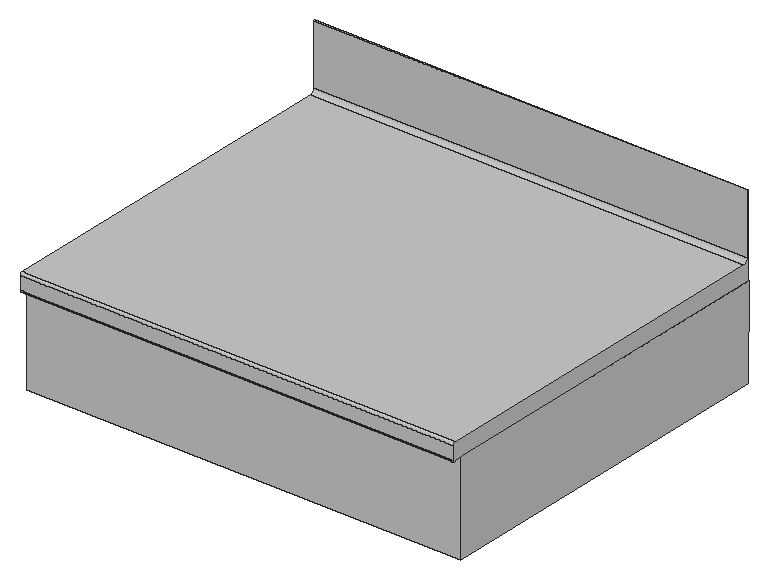
Revit family "QF_ELECTROLUXPROFESSIONAL_588726_HBNABBJOOM", category Specialty Equipment, Revit 2023
Family settings
  Round Connector Dimension = Use Diameter
  Part Type = Normal
  Work Plane-Based = No
  Enable Cutting in Views = No
  Always vertical = Yes
  Cut with Voids When Loaded = No
  Maintain Annotation Orientation = No
  Shared = No
  Room Calculation Point = No
Parameters
  Width [instance] = 1000.00 mm
  Weight in Pounds = 74.95
  Weight = 55.00 kg
  Watts = 0 W
  URL Manufacturer = "http://www.electroluxprofessional.com"
  URL Cutsheet = "www.electrolux.com/professional"
  URL = "http://www.electroluxprofessional.com"
  Type Mark [instance] = ""
  Status [instance] = ""
  Specification by User [instance] = ""
  Specification by Manufacturer = ""
  Serial Number = ""
  Seismic Rating = ""
  SMACNA No = ""
  Revision Code [instance] = ""
  Length Actual = 1000.00 mm
  Height Actual = 250.00 mm
  HP = "0 HP"
  Gas KW = 0
  Depth Actual = 850.00 mm
  Default Elevation = 0.00 mm
  Omniclass Number and Title = ""
  NAFEM Spec ID Number = ""
  Model = "HBNABBJOOM"
  Masterspec = ""
  Manufacturer = "Electrolux Professional"
  Item Number [instance] = "588726"
  Installed By [instance] = ""
  Identify Quantity as Lot [instance] = yes
  Furnished By [instance] = ""
  Foodservice Equipment Identifier [instance] = yes
  Direct Waste Size = 0"
  Description = "WORK TOP, CLOSED, 1-SIDE, SPLASHBACK, 100-1200X850X250H MARINE USPHS (ONLY M2M)"
  CSI MasterFormat = ""
  CSI Master Format = ""
  Accessory = no
Reference planes
  plane 1 "BACK": y = 0
  plane 2: z = 0
  plane 3 "LEFT": x = 0
  plane 4 "RIGHT": x = 1000
  plane 5 "FRONT": y = -850
  plane 6 "TOP": z = 900
  plane 7 "Center Y": x = 500
  plane 8 "Center X": y = -425
  plane 9 "BaseTop": z = 650
Forms (mm)
  Extrusion 1, solid, material "QF_Finishes_Stainless Steel"
    sketch origin (0, 50.048, 0) x (0, 1, 0) y (0, 0, 1)
      loop
        line (-50.048, 1050.031) -> (-52.048, 1050.031) -> (-52.048, 910.031)
        arc (-52.048, 910.031) -> (-54.977, 902.96) -> (-62.048, 900.031) r 10
        line (-62.048, 900.031) -> (-895.048, 900.031)
        arc (-895.048, 900.031) -> (-898.584, 898.566) -> (-900.048, 895.031) r 5
        line (-900.048, 895.031) -> (-900.048, 864.031)
        arc (-900.048, 864.031) -> (-898.619, 860.966) -> (-895.353, 860.091) r 4
        line (-895.353, 860.091) -> (-880.048, 863) -> (-50.048, 863) -> (-50.048, 1050.031)
    from 0 to 1000
  Extrusion 2, solid, material "QF_Clearances", detail levels coarse
    sketch origin (0, -850, 0) x (1, 0, 0) y (0, 0, 1)
      loop
        line (0, 650) -> (0, 630) -> (1000, 630) -> (1000, 650) -> (0, 650)
    from -20 to -70
  Extrusion 3, solid, material "QF_Finishes_Stainless Steel"
    sketch origin (0, 0, 650) x (-1, 0, 0) y (0, -1, 0)
      loop
        line (0, 0) -> (0, 830) -> (-1000, 830) -> (-1000, 0) -> (0, 0)
      loop
        line (-5, 825) -> (-995, 825) -> (-995, 5) -> (-5, 5) -> (-5, 825)
    from 0 to 213
  Extrusion 4, solid, material "QF_Finishes_Stainless Steel"
    sketch origin (0, 0, 650) x (-1, 0, 0) y (0, -1, 0)
      loop
        line (-5, 5) -> (-5, 825) -> (-995, 825) -> (-995, 5) -> (-5, 5)
    from 0 to 5
Cuts and joins
  joined: Extrusion 3, Extrusion 4
Lines and regions (mm)
  symbolic lines
    curve 1: line (0, 0, 0) -> (1000, 0, 0)
    curve 2: line (0, -850, 0) -> (0, 0, 0)
    curve 3: line (1000, -850, 0) -> (0, -850, 0)
    curve 4: line (1000, 0, 0) -> (1000, -850, 0)
Dimensions and locks
  equal spacing: plane 3 "LEFT", plane 7 "Center Y", plane 4 "RIGHT"
  "Width": plane 3 "LEFT" to plane 4 "RIGHT"
  equal spacing: plane 5 "FRONT", plane 8 "Center X", plane 1 "BACK"
  plane 5 "FRONT" to plane 1 "BACK" = 850.00 mm
  plane 6 "TOP" to level = 900.00 mm
  plane 9 "BaseTop" to level = 650.00 mm
  plane 3 "LEFT" to Extrusion 2 = 1000.00 mm
  locked: cut or joined group of Extrusion 3, Extrusion 4 to plane 4 "RIGHT" at 5
  aligned and locked: level to plane 2
  aligned and locked: Extrusion 1 to plane 4 "RIGHT"
Automatic sketch dimensions
  curve 3 to plane 3 "LEFT" = 0.00 mm
  curve 3 to plane 4 "RIGHT" = 0.00 mm
  plane 1 "BACK" to curve 2 = 0.00 mm
  curve 4 to plane 5 "FRONT" = 0.00 mm
  Extrusion 2 sketch curve to plane 6 "TOP" = 250.00 mm
  Extrusion 2 sketch curve to plane 3 "LEFT" = 0.00 mm
  plane 4 "RIGHT" to Extrusion 2 sketch curve = 0.00 mm
  Extrusion 2 sketch curve to plane 9 "BaseTop" = 20.00 mm
  plane 4 "RIGHT" to Extrusion 4 sketch curve = 5.00 mm
  plane 3 "LEFT" to Extrusion 4 sketch curve = 5.00 mm
  plane 1 "BACK" to Extrusion 4 sketch curve = 5.00 mm
  Extrusion 4 sketch curve to plane 5 "FRONT" = 25.00 mm
  Extrusion 1 sketch curve to plane 5 "FRONT" = 0.00 mm
  Extrusion 1 sketch curve to Extrusion 1 sketch curve = 4.00 mm
  Extrusion 1 sketch curve to Extrusion 1 sketch curve = 0.695 mm
  Extrusion 1 sketch curve to Extrusion 1 sketch curve = 5.00 mm
  Extrusion 1 sketch curve to Extrusion 1 sketch curve = 15.305 mm
  plane 1 "BACK" to Extrusion 1 sketch curve = 12.00 mm
  Extrusion 1 sketch curve to Extrusion 1 sketch curve = 10.00 mm
  Extrusion 1 sketch curve to Extrusion 1 sketch curve = 12.00 mm
  Extrusion 1 sketch curve to plane 6 "TOP" = 39.909 mm
  Extrusion 1 sketch curve to plane 6 "TOP" = 37.00 mm
  Extrusion 1 sketch curve to Extrusion 1 sketch curve = 31.00 mm
  plane 6 "TOP" to Extrusion 1 sketch curve = 150.031 mm
  plane 1 "BACK" to Extrusion 3 sketch curve = 0.00 mm
  Extrusion 3 sketch curve to plane 4 "RIGHT" = 0.00 mm
  Extrusion 3 sketch curve to plane 3 "LEFT" = 0.00 mm
  plane 4 "RIGHT" to Extrusion 3 sketch curve = 5.00 mm
  plane 3 "LEFT" to Extrusion 3 sketch curve = 5.00 mm
  plane 1 "BACK" to Extrusion 3 sketch curve = 5.00 mm
  Extrusion 3 sketch curve to plane 5 "FRONT" = 25.00 mm
  Extrusion 3 sketch curve to Extrusion 3 sketch curve = 5.00 mm
